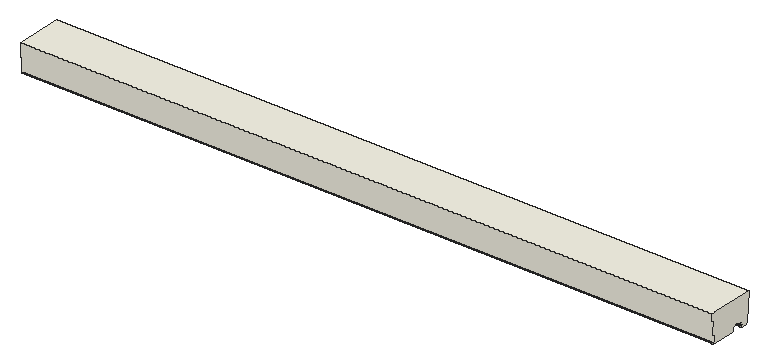
Revit family "Imposta IMP-D.C. C-1", category Modelos genéricos, Revit 2020
Family settings
  Puede alojar armadura = No
  Cota de conector redondo = Diámetro de uso
  Tipo de pieza = Normal
  Se basa en plano de trabajo = No
  Siempre vertical = No
  Corte con vacíos al cargar = No
  Compartido = No
  Punto de cálculo de habitación = No
Parameters (values of type "IMP-DC")
  Descripción = "Pieza de hormigón polímero con anclaje de acero inoxidable."
  URL = "https://www.ulmaarchitectural.com/es-es"
  Nº filas anclajes [instance] = if(Longitud > 2600 mm, 6, if(Longitud < 660 mm, 2, Longitud / Dist. entre anclajes))  # 3
  Modelo = "Imposta IMP-DC"
  Material = Hormigón polímero STONEO. Color C-1
  Longitud real [instance] = if(Longitud > 2600 mm, 2600 mm, if(Longitud < 500 mm, 500 mm, Longitud))  # 1200 mm
  Longitud [instance] = 1200 mm
  Fabricante = "ULMA Architectural Solutions"
  Elevación por defecto = 0 mm
  Dist. entre anclajes [instance] = if(Longitud < 650 mm, 340 mm, 440 mm)  # 440 mm
  Dist primer anclaje [instance] = if(Longitud < 700 mm, 80 mm, 150 mm)  # 150 mm
  Código de montaje = "IMP-DC"
  Ancho = 80 mm
Reference planes
  plane 1 "Centro (Frontal/Posterior)": y = 0
  plane 2: z = 0
  plane 3 "Centro (Izquierda/Derecha)": x = 0
Forms (mm)
  Extrusion 1, solid, material "Hormigón polímero STONEO. Color C-1" <- "Material"
    sketch origin (0, 0, 0) x (0, 1, 0) y (0, 0, 1)
      loop
        line (-33.802, 0) -> (3.802, 0)
        arc (3.802, 0) -> (5.093, 0.472) -> (5.774, 1.667) r 2
        arc (5.774, 1.667) -> (15.635, 10) -> (25.495, 1.667) r 10
        arc (25.495, 1.667) -> (26.176, 0.472) -> (27.467, 0) r 2
        line (27.467, 0) -> (33.802, 0)
        arc (33.802, 0) -> (35.153, 0.525) -> (35.794, 1.826) r 2
        line (35.794, 1.826) -> (40, 49.897) -> (-40, 49.897) -> (-35.794, 1.826)
        arc (-35.794, 1.826) -> (-35.153, 0.525) -> (-33.802, 0) r 2
    from 0 to 1200
Dimensions and locks
  "Longitud real": Extrusion 1 to Extrusion 1
  Extrusion 1 sketch curve to Extrusion 1 sketch curve = 49.897 mm
  "Ancho": Extrusion 1 sketch curve to Extrusion 1 sketch curve
  equal spacing: Extrusion 1 sketch curve, plane 1 "Centro (Frontal/Posterior)", Extrusion 1 sketch curve
  Extrusion 1 sketch curve to Extrusion 1 sketch curve to Extrusion 1 sketch curve = 6.335 mm, 21.692 mm
  "Dist primer anclaje": plane 3 "Centro (Izquierda/Derecha)" to nested 1
  equal spacing: group 1, group 2, group 3  (x3)
  "Dist. entre anclajes": nested 1 to nested 2
  radius of Extrusion 1 sketch curve = 10 mm
  radius of Extrusion 1 sketch curve = 2 mm  (x4)
  angle Extrusion 1 sketch curve to Extrusion 1 sketch curve = 95.00°  (x2)
  angle level to Extrusion 1 sketch curve = 85.00°
  angle Extrusion 1 sketch curve to level = 85.00°
  aligned and locked: level to plane 2
  aligned and locked: Extrusion 1 sketch curve to level
  aligned and locked: nested 1 to plane 1 "Centro (Frontal/Posterior)"
Automatic sketch dimensions
  Extrusion 1 sketch curve to level = 0 mm  (x2)
  level to Extrusion 1 sketch curve = 1.826 mm  (x2)
  Extrusion 1 sketch curve to Extrusion 1 sketch curve = 1.972 mm
  Extrusion 1 sketch curve to Extrusion 1 sketch curve = 9.86 mm
Nested families
  nested 1: "Anclaje dintel" at (150, 0, 49.897) x (0, 1, 0) z (0, 0, 1), type "Anclaje inoxidable dintel", detail levels medium+fine
  nested 2: "Anclaje dintel" at (590, 0, 49.897) x (0, 1, 0) z (0, 0, 1), type "Anclaje inoxidable dintel", detail levels medium+fine
  nested 3: "Anclaje dintel" at (1030, 0, 49.897) x (0, 1, 0) z (0, 0, 1), type "Anclaje inoxidable dintel", detail levels medium+fine
Definition of nested family "Anclaje dintel"
  Parameters (values of type "Anclaje inoxidable dintel")
    URL = "https://www.ulmaarchitectural.com/es-es"
    Model = "Sujeción anclaje inoxidable estándar SPE"
    Material = none
    Manufacturer = "ULMA"
    Default Elevation = 0 mm
    Assembly Code = "901250015"
  Reference planes
    plane 1 "Centro (Frontal/Posterior)": y = 0
    plane 2: z = 0
    plane 3 "Centro (Izquierda/Derecha)": x = 0
  Dimensions and locks
    aligned and locked: level to plane 2
